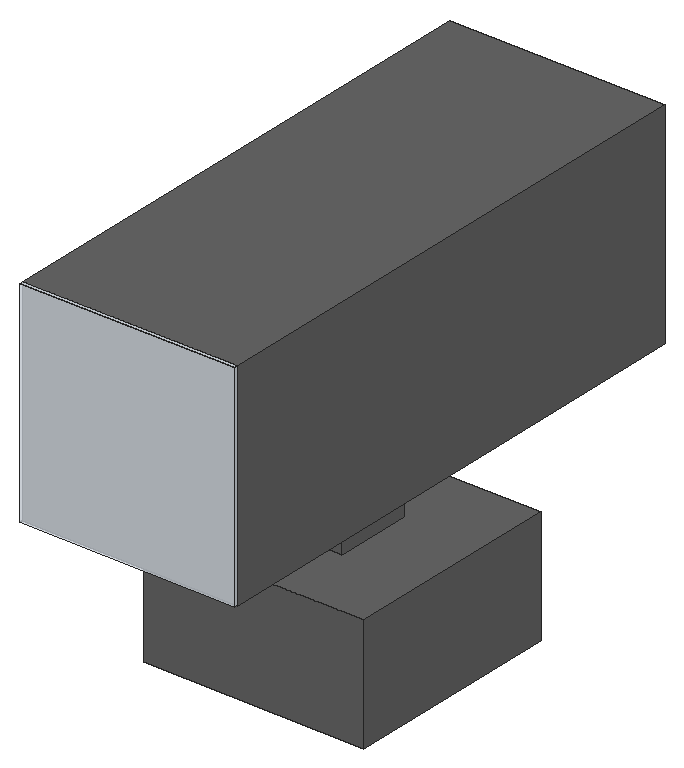
Revit family "LTC-4SQD-W", category Lighting Fixtures, host Face, Revit 2021
Family settings
  Host = Face
  Round Connector Dimension = Use Diameter
  Part Type = Normal
  OmniClass Number = 23.80.70.11.14.11
  OmniClass Title = Downlights
  Cut with Voids When Loaded = No
  Light Source = Yes
  Shared = No
  Room Calculation Point = No
Parameters (values of type "LTC-4SQD-WCC")
  Wattage Comments = "8-52W"  # constant formula
  Wattage = 70 W
  Warranty = "5 years warranty"  # constant formula
  built-in parameter 1150110 = 1 (stored number, unit not read)
  Voltage = 120 V
  built-in parameter 1114217 = 1 (stored number, unit not read)
  Tilt Angle = -90.00°  # constant formula
  built-in parameter 1150109 = 1 (stored number, unit not read)
  built-in parameter 1150134 = 3
  built-in parameter 1150113 = 1 (stored number, unit not read)
  Photometric Web File = "LTC-4SQDPH-P-20L35K8MD-PM-S-BL.ies"
  Features = "•\t4inch architectural LED square downlight and wall wash cylinder delivering 600 - 4000 lm\r\n•\t4 beam distributions from 0.6 to 1.2 Spacing Criteria\r\n•\tQuiet reflector appearance with 50º optical cutoff\r\n•\t2700K - 5000K, 80+ and 90+ CRI options\r\n•\tAvailable in Surface, Wall, Pendant, or Cord Mount configurations\r\n•\tPowerHUBB™ enables low-voltage wired connectivity for Power over Ethernet (PoE) network system deployment\r\n•\t2 SDCM color consistency\r\n•\tLong life L90 at 55,000 hrs (TM-21)\r\n•\tFive year warranty\r\n\r\n"  # constant formula
  built-in parameter 1150105 = -12994800 (stored number, unit not read)
  Lumens = 4900 lm
  built-in parameter 1150115 = 1 (stored number, unit not read)
  built-in parameter 1150137 = (empty or 0)
  built-in parameter 1150139 = (empty or 0)
  built-in parameter 1150112 = 1 (stored number, unit not read)
  built-in parameter 1150114 = 1 (stored number, unit not read)
  built-in parameter 1150132 = (empty or 0)
  built-in parameter 1150102 = (empty or 0)
  built-in parameter 1150107 = 3200 (stored number, unit not read)
  built-in parameter 1150138 = (empty or 0)
  built-in parameter 1150106 = -129948 (stored number, unit not read)
  Emit from Rectangle Width = 5.500"  # constant formula
  Emit from Rectangle Length = 5.500"  # constant formula
  Emit Shape Visible in Rendering = no
  built-in parameter 1150104 = 6.5032 (stored number, unit not read)
  Distance = 10.680"
  Dimming Lamp Color Temperature Shift = <None>
  Copyright = "Prescolite"  # constant formula
  Contact us = ""
  Color Filter = 16777215
  Certifications = "• cCSAus certified to UL 1598\r\n• Wall Mount: Suitable for wet locations\r\n• Surface & Pendant Mount: Suitable for wet\r\nlocations under covered ceiling\r\n• Cord Mount and all Wall Wash: Suitable for\r\ndamp locations"  # constant formula
  Canopy Distance = 5.740"
  Canopy Depth = 3.000"
  built-in parameter 1114218 = 1 (stored number, unit not read)
  Ballast = Paint - Carbon Black
  URL = "https://www.currentlighting.com/prescolite"
  Product Page URL = ""
  Product Documentation Link = ""
  Model = "LTC-4SQD"  # constant formula
  Manufacturer = "Prescolite"  # constant formula
  Lamp = "LED Lamp"
  Reflector = Glass - Glass
  Description = "LITEISTRY™ 4inch Square Cylinder "  # constant formula
  Default Elevation = 48.000"
  Backbox = Matt Black
  built-in parameter 1150133 = 10 (stored number, unit not read)
  Apparent Load = 72 VA  # constant formula
Types (5): name | Distance | Canopy Distance | Canopy Depth
  (no name) | 10.680" | 5.740" | 3.000"
  LTC-4SQD-W | 8.480" | 4.500" | 0.500"
  LTC-4SQD-WCC | 10.680" | 5.740" | 3.000"
  LTC-4SQD-WPC | 10.680" | 7.750" | 3.000"
  LTC-4SQD-WPCC | 12.180" | 7.830" | 4.500"
Reference planes (in)
  plane 1 "Center (Front/Back)": y = 0
  plane 2: z = 0
  plane 3 "Center (Left/Right)": x = 0
  plane 4: z = 5.08
  plane 5: z = 3
  plane 6: y = 2.87
  plane 7: y = -2.87
  plane 8: y = 7
  plane 9: y = -7
  plane 10: x = -2.87
  plane 11: x = 2.87
  plane 12: x = -2.8
  plane 13: x = 2.8
  plane 14: z = 10.68
  plane 15: z = 7.88
Forms (in)
  Extrusion 1, solid, material "Matt Black" <- "Backbox"
    sketch origin (0, 0.00841, 1.00792) x (0, 1, 0) y (0, 0, 1)
      loop
        line (2.86159, -1.00792) -> (2.86159, 1.99208) -> (-2.87841, 1.99208) -> (-2.87841, -1.00792) -> (2.86159, -1.00792)
    from -2.87 to 2.87
  Extrusion 2, solid, material "Paint - Carbon Black" <- "Ballast"
    sketch origin (0, 0.00841, 0) x (0, 1, 0) y (0, 0, 1)
      loop
        line (0.97237, 0.3077) -> (0.97237, 5.08) -> (-1.03763, 5.08) -> (-1.03763, 0.3077) -> (0.97237, 0.3077)
    from -0.88539 to 0.81657
  Extrusion 3, solid, material "Paint - Carbon Black" <- "Ballast"
    sketch origin (0, 1, 2.18) x (0, 1, 0) y (0, 0, 1)
      loop
        line (6, 8.5) -> (-7.89784, 8.5) -> (-7.89784, 2.9) -> (6, 2.9) -> (6, 8.5)
    from -2.8 to 2.8
  Extrusion 4, solid, material "Glass - Glass" <- "Reflector"
    sketch origin (0, -0.89784, 3.28125) x (1, 0, 0) y (0, 0, 1)
      loop
        line (-2.8, 1.79875) -> (2.8, 1.79875) -> (2.8, 7.39875) -> (-2.8, 7.39875) -> (-2.8, 1.79875)
    from 6 to 6.1
Dimensions and locks (in)
  locked: Extrusion 2 sketch curve to Extrusion 2 sketch curve at 2.01
  plane 8 to plane 9 = 14.000"
  equal spacing: plane 6, plane 1 "Center (Front/Back)", plane 7
  "Canopy Distance": plane 6 to plane 7
  "Canopy Depth": plane 5 to level
  equal spacing: plane 11, plane 3 "Center (Left/Right)", plane 10
  "Canopy Distance": plane 11 to plane 10
  "Distance": plane 14 to plane 2
  locked: plane 14 to plane 4 at 5.6
  plane 14 to plane 15 to plane 5 = 2.800", 4.880"
  aligned and locked: plane 2 to host face
  aligned and locked: plane 3 "Center (Left/Right)" to imposter light
  aligned and locked: plane 4 to Extrusion 3 sketch curve
  aligned and locked: Extrusion 1 to plane 6
  aligned and locked: plane 7 to Extrusion 1
  aligned and locked: plane 5 to Extrusion 1
  aligned and locked: Extrusion 1 to plane 10
  aligned and locked: plane 11 to Extrusion 1
  aligned and locked: Extrusion 3 to Extrusion 4
  aligned and locked: plane 14 to Extrusion 3
  aligned and locked: plane 14 to Extrusion 4
  aligned and locked: Extrusion 4 sketch curve to Extrusion 3
  aligned and locked: plane 14 to Extrusion 4 sketch curve
  aligned and locked: Extrusion 2 to Extrusion 3
  aligned and locked: imposter light to plane 15
  aligned and locked: plane 9 to imposter light
Automatic sketch dimensions
  host sketch curve to host sketch curve = 96.000"  (x2)
  Extrusion 1 sketch curve to level = 0.000"
  plane 1 "Center (Front/Back)" to Extrusion 1 sketch curve = 2.870"
  level to Extrusion 1 sketch curve = 3.000"
  Extrusion 1 sketch curve to plane 1 "Center (Front/Back)" = 2.870"
  level to Extrusion 2 sketch curve = 0.3077"
  plane 1 "Center (Front/Back)" to Extrusion 2 sketch curve = 1.02922"
  plane 5 to Extrusion 2 sketch curve = 2.080"
  plane 7 to Extrusion 3 sketch curve = 4.02784"
  plane 8 to Extrusion 3 sketch curve = 0.000"
  plane 5 to Extrusion 3 sketch curve = 7.680"
  Extrusion 4 sketch curve to plane 12 = 0.000"
  Extrusion 4 sketch curve to plane 13 = 0.000"
Connectors (in)
  electrical at (0, 0, 0), driven by "Description", driven by "Voltage", driven by "Apparent Load"
    settings: index 1, voltage 120 V, apparent load 72 VA, apparent load phase1 0 VA, apparent load phase2 0 VA, apparent load phase3 0 VA, power factor 1, load classification "Other", number of poles 1, system type 30, power factor state 1, is connector primary yes, connector utility no, sub classification motor no, connector description "LITEISTRY™ 4inch Square Cylinder "
